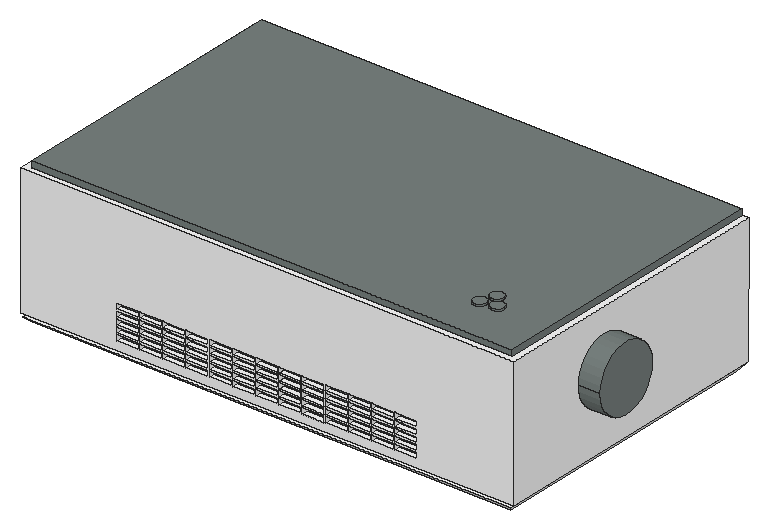
Revit family "AM 300 HHBDE", category Mechanical Equipment, Revit 2019
Family settings
  Round Connector Dimension = Use Diameter
  Part Type = Normal
  OmniClass Number = 23.75.00.00
  OmniClass Title = Climate Control (HVAC)
  Work Plane-Based = No
  Always vertical = Yes
  Cut with Voids When Loaded = No
  Shared = No
  Room Calculation Point = No
Parameters
  Weight (Standard Unit) = 85  # constant formula
  Water Heating [instance] = yes
  Water Heater Surface Return = 15 mm  # constant formula
  Water Heater Surface IN = 15 mm  # constant formula
  URL = "www.airmaster-as.com"
  Total Width = 1180 mm  # constant formula
  Total Hight = 344 mm  # constant formula
  T-C Duct Supply = 187 mm  # constant formula
  T-C Duct Exhaust = 187 mm  # constant formula
  Suply Air In = 160 mm  # constant formula
  R-C Duct Supply = 133 mm  # constant formula
  Phase 1 - Max Power Consumption = "1175 W"
  Phase 1 - Max Current = "7,97 A"
  Nominal current, electrical preheating surface = "4,35 A"
  Nominal current, electrical comfort heating surface = "2,17 A"
  Nominal current, air handling unit = "1,45 A"
  Network Conection = "AWG 24 CAT 5e STP"
  Model = "AM 300 HHBDE"
  Max. flow rate 35 dB(A) with ePM10 80% filters = 240.00 m³  # constant formula
  Max. flow rate 35 dB(A) with ePM10 55% filters = 270.00 m³  # constant formula
  Max. flow rate 35 dB(A) with ePM10 50% filters = 275.00 m³  # constant formula
  Max. flow rate 30 dB(A) with ePM10 80% filters = 180.00 m³  # constant formula
  Max. flow rate 30 dB(A) with ePM10 55% filters = 205.00 m³  # constant formula
  Max. flow rate 30 dB(A) with ePM10 50% filters = 210.00 m³  # constant formula
  Manufacturer = "Airmaster A/S"
  Maintenance [instance] = no
  L-C Duct Exhaust = 133 mm  # constant formula
  Extract air = 160 mm
  Exhaust Air = 160 mm  # constant formula
  Total Depth = 703 mm  # constant formula
  Electrical connection = "1 ~ 230 V / N / PE / 50 Hz"
  Drawn By = "LSB"
  Data Sheet = "https://www.airmaster-as.com/media/4938/15583-am300-en-rev-04.pdf"
  Condensate = 6 mm  # constant formula
  BMS Panel = "(PTS) 2x2x0,6"
  BMS Out = "(PTS) 2x2x0,6"
  BMS IN = "(PTS) 2x2x0,6"
  Airlow area [instance] = no
Reference planes
  plane 1 "Center (Front/Back)": y = 0
  plane 2: z = 0
  plane 3 "Center (Left/Right)": x = 0
  plane 4 "Center L/S": y = -703
  plane 5 "Center L/T": x = -590
  plane 6 "Center L/U": x = 590
  plane 7 "TOP": z = 344
  plane 8 "Center L/V": x = -575
  plane 9 "Center L/W": y = -688
  plane 10 "Center L/X": x = 575
  plane 11 "Panel Buttom": z = 20.747
  plane 12 "Panel Top": z = 330.347
  plane 13 "Hatch": z = 14.5
Forms (mm)
  Extrusion 1, solid, material "AM Grey"
    sketch origin (0, 0, 0) x (1, 0, 0) y (0, 1, 0)
      loop
        line (-575, 0) -> (-575, -688) -> (575, -688) -> (575, 0) -> (-575, 0)
    from 14.5 to 344
  Extrusion 2, solid, material "AM White"
    sketch origin (794.5, -1524, 20.747) x (0, -1, 0) y (-1, 0, 0)
      loop
        line (-1524, 1384.5) -> (-1524, 1369.5) -> (-836, 1369.5) -> (-836, 219.5) -> (-1524, 219.5) -> (-1524, 204.5) -> (-821, 204.5) -> (-821, 1384.5) -> (-1524, 1384.5)
    from 0 to -309.6
  Blend 3, solid, material "AM White"
    base sketch origin (-790.646, -1524, 14.5) x (0, -1, 0) y (1, 0, 0)
      loop
        line (-821, 207.613) -> (-821, 1373.657) -> (-1524, 1373.657) -> (-1524, 207.613) -> (-821, 207.613)
    top sketch origin (-790.646, -1524, 14.5) x (0, -1, 0) y (1, 0, 0)
      loop
        line (-836, 218.963) -> (-836, 1362.646) -> (-1509.161, 1362.646) -> (-1509.161, 218.963) -> (-836, 218.963)
    from 0 to -14.5
  Extrusion 4, solid, material "AM Grey"
    sketch origin (-575, 0, 0) x (1, 0, 0) y (0, 0, -1)
      loop
        circle (1032, -157) r 80
    from 0 to 18.45
  Extrusion 5, solid, material "AM Grey"
    sketch origin (-785, 0, 0) x (1, 0, 0) y (0, 0, -1)
      loop
        circle (328, -157) r 80
    from 0 to 18.45
  Extrusion 6, solid, material "Maintenece", visible <- "Maintenance"
    sketch origin (-790.646, -1524, 0) x (1, 0, 0) y (0, -1, 0)
      loop
        line (200.646, -1524) -> (1380.646, -1524) -> (1380.646, -821) -> (200.646, -821) -> (200.646, -1524)
    from 0 to 1200
  Extrusion 7, solid, material "AM Grey"
    sketch origin (0, 0, 344) x (1, 0, 0) y (0, 1, 0)
      loop
        circle (428.027, -549.273) r 15.55
    from 0 to 3
  Extrusion 8, solid, material "AM Grey"
    sketch origin (0, 0, 344) x (1, 0, 0) y (0, 1, 0)
      loop
        circle (452.132, -578.023) r 15.55
    from 0 to 3
  Extrusion 9, solid, material "AM Grey"
    sketch origin (0, 0, 344) x (1, 0, 0) y (0, 1, 0)
      loop
        circle (415.201, -584.535) r 15.55
    from 0 to 3
  Extrusion 10, void
    sketch origin (590, -703, 24.45) x (1, 0, 0) y (0, 0, -1)
      loop
        line (-950, -98.297) -> (-897.385, -98.297) -> (-897.385, -84.297) -> (-950, -84.297) -> (-950, -98.297)
      loop
        line (-950, -81.297) -> (-897.385, -81.297) -> (-897.385, -67.297) -> (-950, -67.297) -> (-950, -81.297)
      loop
        line (-950, -64.297) -> (-897.385, -64.297) -> (-897.385, -50.297) -> (-950, -50.297) -> (-950, -64.297)
      loop
        line (-950, -47.297) -> (-897.385, -47.297) -> (-897.385, -33.297) -> (-950, -33.297) -> (-950, -47.297)
      loop
        line (-950, -30.297) -> (-897.385, -30.297) -> (-897.385, -16.297) -> (-950, -16.297) -> (-950, -30.297)
      loop
        line (-894.385, -98.297) -> (-841.769, -98.297) -> (-841.769, -84.297) -> (-894.385, -84.297) -> (-894.385, -98.297)
      loop
        line (-894.385, -81.297) -> (-841.769, -81.297) -> (-841.769, -67.297) -> (-894.385, -67.297) -> (-894.385, -81.297)
      loop
        line (-894.385, -64.297) -> (-841.769, -64.297) -> (-841.769, -50.297) -> (-894.385, -50.297) -> (-894.385, -64.297)
      loop
        line (-894.385, -47.297) -> (-841.769, -47.297) -> (-841.769, -33.297) -> (-894.385, -33.297) -> (-894.385, -47.297)
      loop
        line (-894.385, -30.297) -> (-841.769, -30.297) -> (-841.769, -16.297) -> (-894.385, -16.297) -> (-894.385, -30.297)
      loop
        line (-838.769, -98.297) -> (-786.154, -98.297) -> (-786.154, -84.297) -> (-838.769, -84.297) -> (-838.769, -98.297)
      loop
        line (-838.769, -81.297) -> (-786.154, -81.297) -> (-786.154, -67.297) -> (-838.769, -67.297) -> (-838.769, -81.297)
      loop
        line (-838.769, -64.297) -> (-786.154, -64.297) -> (-786.154, -50.297) -> (-838.769, -50.297) -> (-838.769, -64.297)
      loop
        line (-838.769, -47.297) -> (-786.154, -47.297) -> (-786.154, -33.297) -> (-838.769, -33.297) -> (-838.769, -47.297)
      loop
        line (-838.769, -30.297) -> (-786.154, -30.297) -> (-786.154, -16.297) -> (-838.769, -16.297) -> (-838.769, -30.297)
      loop
        line (-783.154, -98.297) -> (-730.538, -98.297) -> (-730.538, -84.297) -> (-783.154, -84.297) -> (-783.154, -98.297)
      loop
        line (-783.154, -81.297) -> (-730.538, -81.297) -> (-730.538, -67.297) -> (-783.154, -67.297) -> (-783.154, -81.297)
      loop
        line (-783.154, -64.297) -> (-730.538, -64.297) -> (-730.538, -50.297) -> (-783.154, -50.297) -> (-783.154, -64.297)
      loop
        line (-783.154, -47.297) -> (-730.538, -47.297) -> (-730.538, -33.297) -> (-783.154, -33.297) -> (-783.154, -47.297)
      loop
        line (-783.154, -30.297) -> (-730.538, -30.297) -> (-730.538, -16.297) -> (-783.154, -16.297) -> (-783.154, -30.297)
      loop
        line (-727.538, -98.297) -> (-674.923, -98.297) -> (-674.923, -84.297) -> (-727.538, -84.297) -> (-727.538, -98.297)
      loop
        line (-727.538, -81.297) -> (-674.923, -81.297) -> (-674.923, -67.297) -> (-727.538, -67.297) -> (-727.538, -81.297)
      loop
        line (-727.538, -64.297) -> (-674.923, -64.297) -> (-674.923, -50.297) -> (-727.538, -50.297) -> (-727.538, -64.297)
      loop
        line (-727.538, -47.297) -> (-674.923, -47.297) -> (-674.923, -33.297) -> (-727.538, -33.297) -> (-727.538, -47.297)
      loop
        line (-727.538, -30.297) -> (-674.923, -30.297) -> (-674.923, -16.297) -> (-727.538, -16.297) -> (-727.538, -30.297)
      loop
        line (-671.923, -98.297) -> (-619.308, -98.297) -> (-619.308, -84.297) -> (-671.923, -84.297) -> (-671.923, -98.297)
      loop
        line (-671.923, -81.297) -> (-619.308, -81.297) -> (-619.308, -67.297) -> (-671.923, -67.297) -> (-671.923, -81.297)
      loop
        line (-671.923, -64.297) -> (-619.308, -64.297) -> (-619.308, -50.297) -> (-671.923, -50.297) -> (-671.923, -64.297)
      loop
        line (-671.923, -47.297) -> (-619.308, -47.297) -> (-619.308, -33.297) -> (-671.923, -33.297) -> (-671.923, -47.297)
      loop
        line (-671.923, -30.297) -> (-619.308, -30.297) -> (-619.308, -16.297) -> (-671.923, -16.297) -> (-671.923, -30.297)
      loop
        line (-616.308, -98.297) -> (-563.692, -98.297) -> (-563.692, -84.297) -> (-616.308, -84.297) -> (-616.308, -98.297)
      loop
        line (-616.308, -81.297) -> (-563.692, -81.297) -> (-563.692, -67.297) -> (-616.308, -67.297) -> (-616.308, -81.297)
      loop
        line (-616.308, -64.297) -> (-563.692, -64.297) -> (-563.692, -50.297) -> (-616.308, -50.297) -> (-616.308, -64.297)
      loop
        line (-616.308, -47.297) -> (-563.692, -47.297) -> (-563.692, -33.297) -> (-616.308, -33.297) -> (-616.308, -47.297)
      loop
        line (-616.308, -30.297) -> (-563.692, -30.297) -> (-563.692, -16.297) -> (-616.308, -16.297) -> (-616.308, -30.297)
      loop
        line (-560.692, -98.297) -> (-508.077, -98.297) -> (-508.077, -84.297) -> (-560.692, -84.297) -> (-560.692, -98.297)
      loop
        line (-560.692, -81.297) -> (-508.077, -81.297) -> (-508.077, -67.297) -> (-560.692, -67.297) -> (-560.692, -81.297)
      loop
        line (-560.692, -64.297) -> (-508.077, -64.297) -> (-508.077, -50.297) -> (-560.692, -50.297) -> (-560.692, -64.297)
      loop
        line (-560.692, -47.297) -> (-508.077, -47.297) -> (-508.077, -33.297) -> (-560.692, -33.297) -> (-560.692, -47.297)
      loop
        line (-560.692, -30.297) -> (-508.077, -30.297) -> (-508.077, -16.297) -> (-560.692, -16.297) -> (-560.692, -30.297)
      loop
        line (-505.077, -98.297) -> (-452.462, -98.297) -> (-452.462, -84.297) -> (-505.077, -84.297) -> (-505.077, -98.297)
      loop
        line (-505.077, -81.297) -> (-452.462, -81.297) -> (-452.462, -67.297) -> (-505.077, -67.297) -> (-505.077, -81.297)
      loop
        line (-505.077, -64.297) -> (-452.462, -64.297) -> (-452.462, -50.297) -> (-505.077, -50.297) -> (-505.077, -64.297)
      loop
        line (-505.077, -47.297) -> (-452.462, -47.297) -> (-452.462, -33.297) -> (-505.077, -33.297) -> (-505.077, -47.297)
      loop
        line (-505.077, -30.297) -> (-452.462, -30.297) -> (-452.462, -16.297) -> (-505.077, -16.297) -> (-505.077, -30.297)
      loop
        line (-449.462, -98.297) -> (-396.846, -98.297) -> (-396.846, -84.297) -> (-449.462, -84.297) -> (-449.462, -98.297)
      loop
        line (-449.462, -81.297) -> (-396.846, -81.297) -> (-396.846, -67.297) -> (-449.462, -67.297) -> (-449.462, -81.297)
      loop
        line (-449.462, -64.297) -> (-396.846, -64.297) -> (-396.846, -50.297) -> (-449.462, -50.297) -> (-449.462, -64.297)
      loop
        line (-449.462, -47.297) -> (-396.846, -47.297) -> (-396.846, -33.297) -> (-449.462, -33.297) -> (-449.462, -47.297)
      loop
        line (-449.462, -30.297) -> (-396.846, -30.297) -> (-396.846, -16.297) -> (-449.462, -16.297) -> (-449.462, -30.297)
      loop
        line (-393.846, -98.297) -> (-341.231, -98.297) -> (-341.231, -84.297) -> (-393.846, -84.297) -> (-393.846, -98.297)
      loop
        line (-393.846, -81.297) -> (-341.231, -81.297) -> (-341.231, -67.297) -> (-393.846, -67.297) -> (-393.846, -81.297)
      loop
        line (-393.846, -64.297) -> (-341.231, -64.297) -> (-341.231, -50.297) -> (-393.846, -50.297) -> (-393.846, -64.297)
      loop
        line (-393.846, -47.297) -> (-341.231, -47.297) -> (-341.231, -33.297) -> (-393.846, -33.297) -> (-393.846, -47.297)
      loop
        line (-393.846, -30.297) -> (-341.231, -30.297) -> (-341.231, -16.297) -> (-393.846, -16.297) -> (-393.846, -30.297)
      loop
        line (-338.231, -98.297) -> (-285.615, -98.297) -> (-285.615, -84.297) -> (-338.231, -84.297) -> (-338.231, -98.297)
      loop
        line (-338.231, -81.297) -> (-285.615, -81.297) -> (-285.615, -67.297) -> (-338.231, -67.297) -> (-338.231, -81.297)
      loop
        line (-338.231, -64.297) -> (-285.615, -64.297) -> (-285.615, -50.297) -> (-338.231, -50.297) -> (-338.231, -64.297)
      loop
        line (-338.231, -47.297) -> (-285.615, -47.297) -> (-285.615, -33.297) -> (-338.231, -33.297) -> (-338.231, -47.297)
      loop
        line (-338.231, -30.297) -> (-285.615, -30.297) -> (-285.615, -16.297) -> (-338.231, -16.297) -> (-338.231, -30.297)
      loop
        line (-282.615, -98.297) -> (-230, -98.297) -> (-230, -84.297) -> (-282.615, -84.297) -> (-282.615, -98.297)
      loop
        line (-282.615, -81.297) -> (-230, -81.297) -> (-230, -67.297) -> (-282.615, -67.297) -> (-282.615, -81.297)
      loop
        line (-282.615, -64.297) -> (-230, -64.297) -> (-230, -50.297) -> (-282.615, -50.297) -> (-282.615, -64.297)
      loop
        line (-282.615, -47.297) -> (-230, -47.297) -> (-230, -33.297) -> (-282.615, -33.297) -> (-282.615, -47.297)
      loop
        line (-282.615, -30.297) -> (-230, -30.297) -> (-230, -16.297) -> (-282.615, -16.297) -> (-282.615, -30.297)
    from 0 to 15
  Extrusion 11, solid, material "AM Grey", visible <- "Water Heating"
    sketch origin (-575, -688, 0) x (0, 1, 0) y (0, 0, -1)
      loop
        circle (325.216, -242.139) r 15.55
    from 0 to 36
  Extrusion 12, solid, material "AM Grey", visible <- "Water Heating"
    sketch origin (-575, -836.92, 39.903) x (0, 1, 0) y (0, 0, -1)
      loop
        circle (325.216, -242.139) r 15.55
    from 0 to 36
  Extrusion 13, solid, material "AM Grey"
    sketch origin (590, 0, 20.747) x (0, -1, 0) y (0, 0, -1)
      loop
        circle (433, -174.253) r 78
    from 0 to 54
Cuts and joins
  Extrusion 10 cuts Extrusion 1
  Extrusion 10 cuts Extrusion 2
Dimensions and locks
  "Total Depth": plane 4 "Center L/S" to plane 1 "Center (Front/Back)"
  equal spacing: plane 5 "Center L/T", plane 3 "Center (Left/Right)", plane 6 "Center L/U"
  "Total Width": plane 5 "Center L/T" to plane 6 "Center L/U"
  "Total Hight": plane 7 "TOP" to level
  locked: plane 10 "Center L/X" to plane 6 "Center L/U" at 15
  locked: plane 4 "Center L/S" to plane 9 "Center L/W" at 15
  locked: plane 5 "Center L/T" to plane 8 "Center L/V" at 15
  Extrusion 1 to Blend 3 sketch curve = 14.839 mm
  "R-C Duct Supply": plane 6 "Center L/U" to Extrusion 4 sketch curve
  "T-C Duct Exhaust": Extrusion 5 sketch curve to plane 7 "TOP"
  "L-C Duct Exhaust": Extrusion 5 sketch curve to plane 5 "Center L/T"
  "T-C Duct Supply": plane 7 "TOP" to Extrusion 4 sketch curve
  plane 7 "TOP" to Extrusion 13 sketch curve = 149 mm
  Extrusion 13 sketch curve to plane 1 "Center (Front/Back)" = 433 mm
  "Suply Air In": diameter of Extrusion 4 sketch curve
  "Exhaust Air": diameter of Extrusion 5 sketch curve
  aligned and locked: level to plane 2
  aligned and locked: plane 1 "Center (Front/Back)" to Extrusion 1 sketch curve
  aligned and locked: plane 8 "Center L/V" to Extrusion 1 sketch curve
  aligned and locked: Extrusion 1 sketch curve to plane 9 "Center L/W"
  aligned and locked: Extrusion 1 sketch curve to plane 10 "Center L/X"
  aligned and locked: plane 7 "TOP" to Extrusion 1
  aligned and locked: plane 5 "Center L/T" to Extrusion 2 sketch curve
  aligned and locked: plane 4 "Center L/S" to Extrusion 2 sketch curve
  aligned and locked: plane 6 "Center L/U" to Extrusion 2 sketch curve
  aligned and locked: Extrusion 2 sketch curve to Extrusion 1  (x3)
  aligned and locked: plane 1 "Center (Front/Back)" to Extrusion 2 sketch curve
  aligned and locked: Extrusion 2 to plane 12 "Panel Top"
  aligned and locked: Blend 3 to plane 2
  aligned and locked: plane 13 "Hatch" to Extrusion 1
Automatic sketch dimensions
  plane 1 "Center (Front/Back)" to Extrusion 2 sketch curve = 0 mm
  plane 1 "Center (Front/Back)" to Blend 3 sketch curve = 0 mm
  plane 4 "Center L/S" to Blend 3 sketch curve = 0 mm
  plane 5 "Center L/T" to Blend 3 sketch curve = 6.967 mm
  Blend 3 sketch curve to plane 6 "Center L/U" = 6.989 mm
  plane 9 "Center L/W" to Blend 3 sketch curve = 0 mm
  plane 8 "Center L/V" to Blend 3 sketch curve = 3.316 mm
  Blend 3 sketch curve to plane 10 "Center L/X" = 3 mm
  Extrusion 6 sketch curve to Blend 3 = 18.316 mm
  Extrusion 6 sketch curve to Blend 3 = 18 mm
  Extrusion 6 sketch curve to Blend 3 = 15 mm
  Extrusion 6 sketch curve to Blend 3 = 14.839 mm
  Extrusion 7 sketch curve to Extrusion 1 = 146.973 mm
  Extrusion 7 sketch curve to Extrusion 1 = 138.727 mm
  Extrusion 8 sketch curve to Extrusion 1 = 122.868 mm
  Extrusion 8 sketch curve to Extrusion 1 = 109.977 mm
  Extrusion 9 sketch curve to Extrusion 1 = 159.799 mm
  Extrusion 9 sketch curve to Extrusion 1 = 103.465 mm
  Extrusion 10 sketch curve to Extrusion 2 = 102 mm  (x2)
  Extrusion 10 sketch curve to Extrusion 2 = 230 mm
  Extrusion 10 sketch curve to Extrusion 2 = 20 mm
  Extrusion 10 sketch curve to Extrusion 10 sketch curve = 0 mm  (x115)
  Extrusion 10 sketch curve to Extrusion 10 sketch curve = 52.615 mm  (x13)
  Extrusion 10 sketch curve to Extrusion 10 sketch curve = 3 mm  (x88)
  Extrusion 10 sketch curve to Extrusion 10 sketch curve = 14 mm  (x40)
  Extrusion 1 to Extrusion 11 sketch curve = 101.861 mm
  Extrusion 11 sketch curve to Extrusion 1 = 325.216 mm
  Extrusion 1 to Extrusion 12 sketch curve = 61.958 mm
  Extrusion 12 sketch curve to Extrusion 1 = 176.296 mm
  radius of Extrusion 7 sketch curve = 15.55 mm
  radius of Extrusion 8 sketch curve = 15.55 mm
  radius of Extrusion 9 sketch curve = 15.55 mm
  radius of Extrusion 11 sketch curve = 15.55 mm
  radius of Extrusion 12 sketch curve = 15.55 mm
  radius of Extrusion 13 sketch curve = 78 mm
Nested families
  nested 1: "Model Label 2019" at (0, -361.924, 0), Label <- "Model", type "Model Label 2019"
    with Label "AM 300 HHBDE"
  nested 2: "indblæssymbol" at (0, -803, 0) x (0, -1, 0) z (0, 0, 1), type "indblæssymbol"
    with dX_ 609 mm, dX 609 mm, ang2D 0.00°
Connectors
  electrical at (428.027, -549.273, 344)
    settings: on Extrusion 7, index 13, voltage 230 V, apparent load 0 VA, apparent load phase1 0 VA, apparent load phase2 0 VA, apparent load phase3 0 VA, power factor 0.55, load classification "Other", number of poles 1, system type 30, power factor state 1, is connector primary yes, connector utility no, sub classification motor no, connector description ""
  electrical at (452.132, -578.023, 344), driven by "BMS Out"
    settings: on Extrusion 8, index 14, voltage 0 V, apparent load 0 VA, apparent load phase1 0 VA, apparent load phase2 0 VA, apparent load phase3 0 VA, power factor 1, load classification "Other", number of poles 1, system type 5, power factor state 1, is connector primary no, connector utility no, sub classification motor no, connector description "(PTS) 2x2x0,6"
  electrical at (415.201, -584.535, 344), driven by "BMS IN"
    settings: on Extrusion 9, index 15, voltage 0 V, apparent load 0 VA, apparent load phase1 0 VA, apparent load phase2 0 VA, apparent load phase3 0 VA, power factor 1, load classification "Other", number of poles 1, system type 5, power factor state 1, is connector primary no, connector utility no, sub classification motor no, connector description "(PTS) 2x2x0,6"
  piping at (-611, -362.784, 242.139), diameter 15, driven by "Water Heater Surface IN"
    settings: on Extrusion 11, index 16, connector inside diameter 609.6 mm, connector length 0 mm, flow factor 0, pipe flow 0.0 L/s, pressure drop 0.0 Pa, fitting loss kfactor 0, connector angle 0.00°, fixture units 0, engagement length 0 mm, angle of deflection 0.00°, flow configuration 0, flow direction 0, fitting loss method 0, system type 19, joint type 0, gender type 0, connector reference index -1, connector utility 0, adjustable connector no, is connector primary yes, connector description ""
  piping at (-611, -511.704, 282.042), diameter 15, driven by "Water Heater Surface IN"
    settings: on Extrusion 12, index 17, connector inside diameter 609.6 mm, connector length 0 mm, flow factor 0, pipe flow 0.0 L/s, pressure drop 0.0 Pa, fitting loss kfactor 0, connector angle 0.00°, fixture units 0, engagement length 0 mm, angle of deflection 0.00°, flow configuration 0, flow direction 0, fitting loss method 0, system type 19, joint type 0, gender type 0, connector reference index -1, connector utility 0, adjustable connector no, is connector primary no, connector description ""
  hvac at (457, 0, 157), driven by "Suply Air In"
    settings: on Extrusion 4, index 19, duct flow 0.0 L/s, flow factor 0, pres drop 0.0 Pa, loss coef 0, conn angle 0.00°, conn width 304.8 mm, conn height 304.8 mm, conn diameter 160 mm, duct sys type 1, conn prof type 0, flow config 0, flow direction 1, loss method 0, conn ref index -1, conn util no, is conn primary yes, conn desc ""
  hvac at (-457, 0, 157), driven by "Exhaust Air"
    settings: on Extrusion 5, index 20, duct flow 0.0 L/s, flow factor 0, pres drop 0.0 Pa, loss coef 0, conn angle 0.00°, conn width 304.8 mm, conn height 304.8 mm, conn diameter 160 mm, duct sys type 3, conn prof type 0, flow config 0, flow direction 2, loss method 0, conn ref index -1, conn util no, is conn primary no, conn desc ""
  hvac at (590, -433, 195), driven by "Extract air"
    settings: on Extrusion 13, index 21, duct flow 0.0 L/s, flow factor 0, pres drop 0.0 Pa, loss coef 0, conn angle 0.00°, conn width 304.8 mm, conn height 304.8 mm, conn diameter 160 mm, duct sys type 2, conn prof type 0, flow config 0, flow direction 0, loss method 0, conn ref index -1, conn util no, is conn primary no, conn desc ""
Definition of nested family "Model Label 2019"
  Parameters (values of type "Model Label 2019")
    Label [instance] = ""
  Reference planes
    plane 1: y = 0
    plane 2: x = 0
  Text (mm)
    label "Label" at (-0.131, 0.049, 0), shows "Label"
Definition of nested family "indblæssymbol"
  Parameters (values of type "indblæssymbol")
    dX_ [instance] = if(dX = 0 mm, 1 mm, dX)  # 609 mm
    dX [instance] = 609 mm
    ang2D [instance] = 0.00°
    Type Comments = "DO NOT CHANGE dX value from 608 mm ( 2 ft )"
    Afstand pil = 50 mm
  Reference planes
    plane 1 "Center (Front/Back)": y = 0
    plane 2: z = 0
    plane 3 "Center (Left/Right)": x = 0
  Lines and regions (mm)
    Filled region 1, type "Concrete", in view "Ref. Level"
      outline origin (50.005, 0, 0) x (1, 0, 0) y (0, 1, 0)
        loop
          line (399.995, 0.414) -> (301.442, 17.365) -> (301.588, -17.365) -> (399.995, 0.414)
    reference lines, in view "Ref. Level"
      curve 1: line (50, 134.129, 0) -> (50, -145.871, 0)
    detail lines, in view "Ref. Level"
      curve 2: line (351.52, 0, 0) -> (50, 0, 0)
  Dimensions and locks
    "Afstand pil": plane 3 "Center (Left/Right)" to curve 1
    curve 1 to Filled region 1 = 400 mm
  Automatic sketch dimensions
    Filled region 1 sketch curve to plane 1 "Center (Front/Back)" = 0.414 mm
    plane 3 "Center (Left/Right)" to Filled region 1 sketch curve = 450 mm
    plane 1 "Center (Front/Back)" to Filled region 1 sketch curve = 17.365 mm
    Filled region 1 sketch curve to Filled region 1 sketch curve = 98.407 mm
    Filled region 1 sketch curve to plane 1 "Center (Front/Back)" = 17.365 mm
    Filled region 1 sketch curve to Filled region 1 sketch curve = 0.146 mm
    plane 1 "Center (Front/Back)" to curve 2 = 0 mm
    plane 3 "Center (Left/Right)" to curve 2 = 50 mm
    curve 2 to curve 2 = 301.52 mm
    plane 1 "Center (Front/Back)" to curve 1 = 145.871 mm
    curve 1 to plane 1 "Center (Front/Back)" = 134.129 mm
